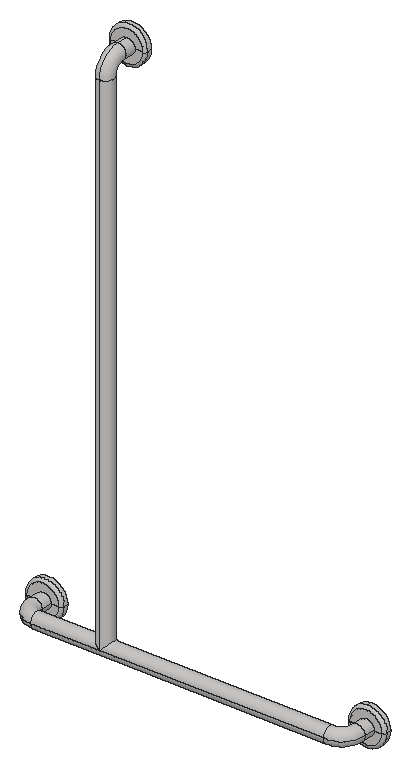
Revit family "rba-bim-rba4118-923", category Plumbing Fixtures, Revit 2018
Family settings
  Round Connector Dimension = Use Diameter
  Part Type = Normal
  Work Plane-Based = No
  Always vertical = Yes
  Cut with Voids When Loaded = No
  Shared = No
  Room Calculation Point = No
Parameters (values of type "RBA4118-923")
  Watermarked By = "www.rba.com.au"
  URL = "www.rba.com.au"
  Phone Number = ""
  OFFSET [instance] = 800 mm
  Modified Issue = "20210226.01"
  Model = "RBA4118-923"
  Materials and Finishes = Bright Polished Stainless Steel
  Manufacturer = "RBA Group"
  Diameter = 32 mm
  Description = "90° Angled Shower Grab Rail, Left Hand"
  Copyright by = "RBA Group"
Reference planes
  plane 1 "Center (Front/Back)": y = 0
  plane 2: z = 0
  plane 3 "Center (Left/Right)": x = 0
  plane 4: z = 800
  plane 5: x = -175
  plane 6: x = 500
  plane 7: y = -87
  plane 8: y = -71
  plane 9: y = -55
  plane 10: x = 16
  plane 11: x = -16
  plane 12: z = 784
Forms (mm)
  Sweep 1, solid, material "Bright Polished Stainless Steel" <- "Materials and Finishes"
    path origin (0, 0, 0) x (1, 0, 0) y (0, 1, 0)
      loop
        line (-175, -10) -> (-175, -39)
        arc (-175, -39) -> (-165.627, -61.627) -> (-143, -71) r 32
        line (-143, -71) -> (468, -71)
        arc (468, -71) -> (490.627, -61.627) -> (500, -39) r 32
        line (500, -39) -> (500, -10)
    profile origin (-175, -24.5, 0) x (1, 0, 0) y (0, 0, 1)
      loop
        circle (0, 784) r 16
  Sweep 2, solid, material "Bright Polished Stainless Steel" <- "Materials and Finishes"
    path origin (0, 0, 0) x (0, 1, 0) y (0, 0, 1)
      loop
        line (-10, 1884) -> (-39, 1884)
        arc (-39, 1884) -> (-61.627, 1874.627) -> (-71, 1852) r 32
        line (-71, 1852) -> (-71, 784)
    profile origin (0, -24.5, 1884) x (0, 0, -1) y (1, 0, 0)
      loop
        circle (0, 0) r 16
  Revolve 3, solid, material "Bright Polished Stainless Steel" <- "Materials and Finishes"
    sketch origin (-0.48, 0, 784) x (1, 0, 0) y (0, 1, 0)
      loop
        line (-175, 0) -> (-214, 0) -> (-214, -9.179)
        arc (-214, -9.179) -> (-212.295, -13.295) -> (-208.179, -15) r 5.821
        line (-208.179, -15) -> (-175, -15) -> (-175, 0)
      axis (-175, -15) -> (-175, 0)
    angle from 0 to 360
  Extrusion 4, solid, material "Bright Polished Stainless Steel" <- "Materials and Finishes"
    sketch origin (-87.98, 0, 0) x (1, 0, 0) y (0, 0, 1)
      loop
        circle (-87.5, 784) r 37.5
    from 0 to 10
  Extrusion 5, solid, material "Bright Polished Stainless Steel" <- "Materials and Finishes"
    sketch origin (587.02, 0, 0) x (1, 0, 0) y (0, 0, 1)
      loop
        circle (-87.5, 784) r 37.5
    from 0 to 10
  Extrusion 6, void
    sketch origin (174.52, 0, 1100) x (1, 0, 0) y (0, 0, 1)
      loop
        circle (-151.428, 798.164) r 5
      loop
        circle (-151.428, 769.836) r 5
      loop
        circle (-198.572, 798.164) r 5
      loop
        circle (-174.52, 756.504) r 5
      loop
        circle (-198.572, 769.836) r 5
    from 0 to 10
  Extrusion 7, solid, material "Bright Polished Stainless Steel" <- "Materials and Finishes"
    sketch origin (87.02, 0, 1100) x (1, 0, 0) y (0, 0, 1)
      loop
        circle (-87.5, 784) r 37.5
    from 0 to 10
  Extrusion 8, void
    sketch origin (-0.48, 0, 1100) x (1, 0, 0) y (0, 0, 1)
      loop
        circle (-151.428, -301.836) r 5
      loop
        circle (-151.428, -330.164) r 5
      loop
        circle (-198.572, -301.836) r 5
      loop
        circle (-174.52, -343.496) r 5
      loop
        circle (-198.572, -330.164) r 5
    from 0 to 10
  Extrusion 9, void
    sketch origin (674.52, 0, 1100) x (1, 0, 0) y (0, 0, 1)
      loop
        circle (-151.428, -301.836) r 5
      loop
        circle (-151.428, -330.164) r 5
      loop
        circle (-198.572, -301.836) r 5
      loop
        circle (-174.52, -343.496) r 5
      loop
        circle (-198.572, -330.164) r 5
    from 0 to 10
  Revolve 10, solid, material "Bright Polished Stainless Steel" <- "Materials and Finishes"
    sketch origin (174.52, 0, 1884) x (1, 0, 0) y (0, 1, 0)
      loop
        line (-175, 0) -> (-214, 0) -> (-214, -9.179)
        arc (-214, -9.179) -> (-212.295, -13.295) -> (-208.179, -15) r 5.821
        line (-208.179, -15) -> (-175, -15) -> (-175, 0)
      axis (-175, -15) -> (-175, 0)
    angle from 0 to 360
  Revolve 11, solid, material "Bright Polished Stainless Steel" <- "Materials and Finishes"
    sketch origin (674.52, 0, 784) x (1, 0, 0) y (0, 1, 0)
      loop
        line (-175, 0) -> (-214, 0) -> (-214, -9.179)
        arc (-214, -9.179) -> (-212.295, -13.295) -> (-208.179, -15) r 5.821
        line (-208.179, -15) -> (-175, -15) -> (-175, 0)
      axis (-175, -15) -> (-175, 0)
    angle from 0 to 360
Cuts and joins
  Extrusion 8 cuts Extrusion 4
  Extrusion 6 cuts Extrusion 7
  Extrusion 8 cuts Revolve 3
  Extrusion 6 cuts Revolve 10
  Extrusion 9 cuts Revolve 11
  joined: Sweep 1, Sweep 2, Revolve 3, Revolve 10, Revolve 11
  Extrusion 9 cuts Extrusion 5
Dimensions and locks
  "OFFSET": plane 4 to level
  aligned and locked: level to plane 2
Automatic sketch dimensions
  plane 1 "Center (Front/Back)" to Sweep 1 sketch curve = 39 mm  (x2)
  Sweep 1 sketch curve to plane 3 "Center (Left/Right)" = 175 mm
  Sweep 1 sketch curve to Sweep 1 sketch curve = 32 mm
  plane 3 "Center (Left/Right)" to Sweep 1 sketch curve = 468 mm
  plane 1 "Center (Front/Back)" to Sweep 1 sketch curve = 10 mm  (x2)
  profile plane to Sweep 1 sketch curve = 0 mm
  level to Sweep 1 sketch curve = 784 mm
  plane 1 "Center (Front/Back)" to Sweep 2 sketch curve = 71 mm
  Sweep 2 sketch curve to Sweep 2 sketch curve = 32 mm
  plane 4 to Sweep 2 sketch curve = 1052 mm
  plane 1 "Center (Front/Back)" to Sweep 2 sketch curve = 10 mm
  Sweep 2 sketch curve to plane 4 = 16 mm
  Sweep 2 sketch curve to plane 3 "Center (Left/Right)" = 0 mm
  Sweep 2 sketch curve to profile plane = 0 mm
  plane 1 "Center (Front/Back)" to Revolve 3 sketch curve = 0 mm  (x2)
  plane 1 "Center (Front/Back)" to Revolve 3 sketch curve = 9.179 mm
  Revolve 3 sketch curve to plane 3 "Center (Left/Right)" = 214.48 mm
  Revolve 3 sketch curve to Revolve 3 sketch curve = 5.821 mm
  Revolve 3 sketch curve to Revolve 3 sketch curve = 33.179 mm
  Revolve 3 sketch curve to Revolve 3 sketch curve = 0 mm
  Revolve 3 sketch curve to Revolve 3 sketch curve = 10 mm
  Extrusion 4 sketch curve to plane 4 = 16 mm
  Extrusion 4 sketch curve to plane 3 "Center (Left/Right)" = 175.48 mm
  Extrusion 5 sketch curve to plane 4 = 16 mm
  plane 3 "Center (Left/Right)" to Extrusion 5 sketch curve = 499.52 mm
  Extrusion 6 sketch curve to plane 3 "Center (Left/Right)" = 0 mm
  Extrusion 6 sketch curve to plane 3 "Center (Left/Right)" = 24.052 mm  (x2)
  plane 3 "Center (Left/Right)" to Extrusion 6 sketch curve = 23.092 mm  (x2)
  plane 4 to Extrusion 6 sketch curve = 1056.504 mm
  Extrusion 6 sketch curve to Extrusion 6 sketch curve = 13.332 mm  (x2)
  Extrusion 6 sketch curve to Extrusion 6 sketch curve = 28.327 mm  (x2)
  Extrusion 7 sketch curve to plane 3 "Center (Left/Right)" = 0.48 mm
  plane 4 to Extrusion 7 sketch curve = 1084 mm
  Extrusion 8 sketch curve to plane 4 = 1.836 mm  (x2)
  Extrusion 8 sketch curve to plane 3 "Center (Left/Right)" = 199.052 mm
  Extrusion 8 sketch curve to Extrusion 8 sketch curve = 0 mm  (x2)
  Extrusion 8 sketch curve to Extrusion 8 sketch curve = 24.052 mm
  Extrusion 8 sketch curve to Extrusion 8 sketch curve = 23.092 mm
  Extrusion 8 sketch curve to Extrusion 8 sketch curve = 28.327 mm  (x2)
  Extrusion 8 sketch curve to Extrusion 8 sketch curve = 13.332 mm
  Extrusion 9 sketch curve to plane 4 = 1.836 mm  (x2)
  plane 3 "Center (Left/Right)" to Extrusion 9 sketch curve = 475.948 mm
  Extrusion 9 sketch curve to Extrusion 9 sketch curve = 0 mm  (x2)
  Extrusion 9 sketch curve to Extrusion 9 sketch curve = 24.052 mm
  Extrusion 9 sketch curve to Extrusion 9 sketch curve = 23.092 mm
  Extrusion 9 sketch curve to Extrusion 9 sketch curve = 28.327 mm  (x2)
  Extrusion 9 sketch curve to Extrusion 9 sketch curve = 13.332 mm
  plane 1 "Center (Front/Back)" to Revolve 10 sketch curve = 0 mm  (x2)
  plane 1 "Center (Front/Back)" to Revolve 10 sketch curve = 9.179 mm
  Revolve 10 sketch curve to plane 3 "Center (Left/Right)" = 39.48 mm
  Revolve 10 sketch curve to Revolve 10 sketch curve = 5.821 mm
  Revolve 10 sketch curve to plane 3 "Center (Left/Right)" = 0.48 mm
  Revolve 10 sketch curve to Revolve 10 sketch curve = 0 mm
  Revolve 10 sketch curve to plane 1 "Center (Front/Back)" = 10 mm
  plane 1 "Center (Front/Back)" to Revolve 11 sketch curve = 0 mm  (x2)
  plane 1 "Center (Front/Back)" to Revolve 11 sketch curve = 9.179 mm
  plane 3 "Center (Left/Right)" to Revolve 11 sketch curve = 460.52 mm
  Revolve 11 sketch curve to Revolve 11 sketch curve = 5.821 mm
  Revolve 11 sketch curve to Revolve 11 sketch curve = 33.179 mm
  Revolve 11 sketch curve to Revolve 11 sketch curve = 0 mm
  Revolve 11 sketch curve to plane 1 "Center (Front/Back)" = 10 mm
  radius of Sweep 1 sketch curve = 16 mm
  radius of Sweep 2 sketch curve = 16 mm
  radius of Extrusion 4 sketch curve = 37.5 mm
  radius of Extrusion 5 sketch curve = 37.5 mm
  radius of Extrusion 6 sketch curve = 5 mm  (x5)
  radius of Extrusion 7 sketch curve = 37.5 mm
  radius of Extrusion 8 sketch curve = 5 mm  (x5)
  radius of Extrusion 9 sketch curve = 5 mm  (x5)
